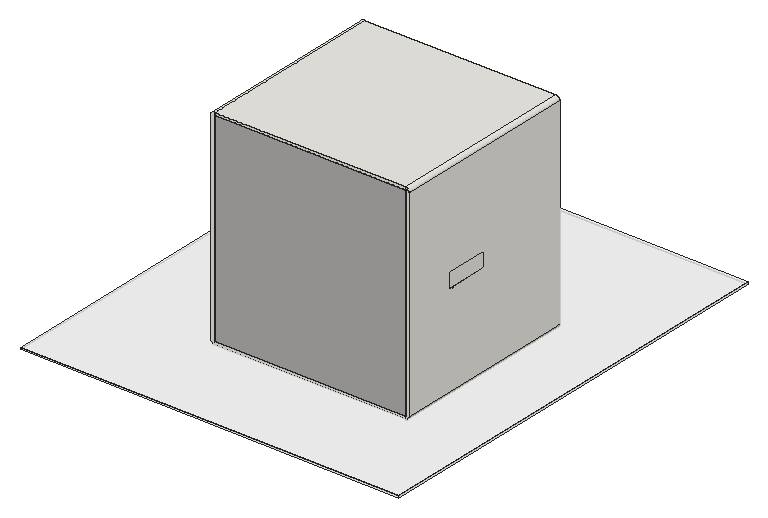
Revit family "FB-150B", category Communication Devices, host Face, Revit 2016
Family settings
  Host = Face
  Maintain Annotation Orientation = No
  Part Type = Normal
  Round Connector Dimension = Use Diameter
  OmniClass Number = 23.85.10.11.14
  OmniClass Title = Audio Equipment
  Cut with Voids When Loaded = Yes
  Shared = No
  Room Calculation Point = No
Parameters (values of type "FB-150W")
  Weight = "30kg (66.14lb)"
  URL = "http://toa.com.sg"
  Speaker Component = "38 cm (15'') cone-type"
  Sensitivity = "93dB (1W, 1m) \r\n96dB (1W, 1m) at installation in 1/2 free sound field"
  Power Handling Capacity = "Continuous pink noise: 200W, Continuous program: 600W"
  Option = "Speaker rigging frame: HY-PF7W"
  Mesh = White Mesh
  Material = OFF-WHITE
  Input Terminal = "Speakon NL4MP × 2 and M5 screw terminal, distance between barriers:12.2mm (0.48'')"
  Model Type = "COMPACT ARRAY SPEAKER SYSTEM"
  Frequency Response = "40 – 400Hz (–10dB)"
  Impedance = "8Ω"
  Model By = "BIMLIFE PTE LTD"  # constant formula
  Model = "FB-150W"
  Manufacturer = "TOA Electronics Pte Ltd"  # constant formula
  Supplier Tel = "+65 6835 9119"  # constant formula
  Supplier Fax = "+65 6835 9559"  # constant formula
  Supplier Address = "491B River Valley Road, #19-03/04 Valley Point Office Tower, Singapore 248373"  # constant formula
  Supplier = "TOA Electronics Pte Ltd"  # constant formula
  Suppiler Email = "http://toa.com.sg"  # constant formula
  Finish = "Enclosure: MDF, White, Urethane Paint Punched net: Surface-treated Steel plate, white, paint"
  Dimension = "505 (W) × 528 (H) × 477 (D)mm (19.88'' x 20.79'' x 19.17'')"
  Default Elevation = 0 mm
  Copyright To = "TOA Electronics Pte Ltd"  # constant formula
  Additional Detail = yes
Types (2, lengths in mm): name | Option | Mesh | Material | Model | Finish
  FB-150B | "Speaker rigging frame: HY-PF7B" | Black Mesh | MDF | "FB-150B" | "Enclosure: MDF, Black, Urethane Paint Punched net: Surface-treated Steel plate, black, paint"
  FB-150W | "Speaker rigging frame: HY-PF7W" | White Mesh | OFF-WHITE | "FB-150W" | "Enclosure: MDF, White, Urethane Paint Punched net: Surface-treated Steel plate, white, paint"
Reference planes
  plane 1 "Center (Front/Back)": y = 0
  plane 2: z = 0
  plane 3 "Center (Left/Right)": x = 0
Forms (mm)
  Extrusion 1, solid, material "Surface"
    sketch origin (1.238, -13.929, 0) x (1, 0, 0) y (0, 1, 0)
      loop
        line (-537.238, 873.929) -> (-537.238, -236.071) -> (424.112, -236.071) -> (424.112, 873.929) -> (-537.238, 873.929)
    from 0 to -6.497
  Extrusion 2, solid, material "Black", not visible
    sketch origin (0, 0, 0) x (1, 0, 0) y (0, 1, 0)
      loop
        line (-123, 93) -> (-123, -93) -> (123, -93) -> (123, 93) -> (-123, 93)
    from 0 to 98.5
  Blend 3, solid, material "Black", not visible
    base sketch origin (0, 0, 98.5) x (1, 0, 0) y (0, 1, 0)
      loop
        line (-124, -95) -> (124, -95)
        arc (124, -95) -> (124.707, -94.707) -> (125, -94) r 1
        line (125, -94) -> (125, 94)
        arc (125, 94) -> (124.707, 94.707) -> (124, 95) r 1
        line (124, 95) -> (-124, 95)
        arc (-124, 95) -> (-124.707, 94.707) -> (-125, 94) r 1
        line (-125, 94) -> (-125, -94)
        arc (-125, -94) -> (-124.707, -94.707) -> (-124, -95) r 1
    top sketch origin (0, 0, 98.5) x (1, 0, 0) y (0, 1, 0)
      loop
        arc (-119.605, 90.605) -> (-120.312, 90.312) -> (-120.605, 89.605) r 1
        line (-120.605, 89.605) -> (-120.605, -89.605)
        arc (-120.605, -89.605) -> (-120.312, -90.312) -> (-119.605, -90.605) r 1
        line (-119.605, -90.605) -> (119.605, -90.605)
        arc (119.605, -90.605) -> (120.312, -90.312) -> (120.605, -89.605) r 1
        line (120.605, -89.605) -> (120.605, 89.605)
        arc (120.605, 89.605) -> (120.312, 90.312) -> (119.605, 90.605) r 1
        line (119.605, 90.605) -> (-119.605, 90.605)
    from 0 to 10.5
  Extrusion 4, solid, material "Black Mesh", not visible
    sketch origin (0, 0, 109) x (1, 0, 0) y (0, 1, 0)
      loop
        line (-119.75, 89.75) -> (-119.75, -89.75) -> (119.75, -89.75) -> (119.75, 89.75) -> (-119.75, 89.75)
    from -1 to 0
  Extrusion 5, void, not visible
    sketch origin (0, 0, 109) x (0, 1, 0) y (1, 0, 0)
      loop
        line (89.75, 119.75) -> (-89.75, 119.75) -> (-89.75, -119.75) -> (89.75, -119.75) -> (89.75, 119.75)
    from 0 to 1
  Extrusion 6, void, not visible
    sketch origin (82, -93, 0) x (1, 0, 0) y (0, 0, -1)
      loop
        spline (-88, 0) -> (-87.796, -1.294) -> (-87.196, -2.5) -> (-86.243, -3.536) -> (-85, -4.33) -> (-83.553, -4.83) -> (-82, -5) -> (-80.447, -4.83) -> (-79, -4.33) -> (-77.757, -3.536) -> (-76.804, -2.5) -> (-76.204, -1.294) -> (-76, 0)
        spline (-76, 0) -> (-76.204, 1.294) -> (-76.804, 2.5) -> (-77.757, 3.536) -> (-79, 4.33) -> (-80.447, 4.83) -> (-82, 5) -> (-83.553, 4.83) -> (-85, 4.33) -> (-86.243, 3.536) -> (-87.196, 2.5) -> (-87.796, 1.294) -> (-88, 0)
    from 0 to 186
  Extrusion 7, void, not visible
    sketch origin (123, 93, 0) x (0, 1, 0) y (0, 0, -1)
      loop
        spline (-99, 0) -> (-98.796, -1.294) -> (-98.196, -2.5) -> (-97.243, -3.536) -> (-96, -4.33) -> (-94.553, -4.83) -> (-93, -5) -> (-91.447, -4.83) -> (-90, -4.33) -> (-88.757, -3.536) -> (-87.804, -2.5) -> (-87.204, -1.294) -> (-87, 0)
        spline (-87, 0) -> (-87.204, 1.294) -> (-87.804, 2.5) -> (-88.757, 3.536) -> (-90, 4.33) -> (-91.447, 4.83) -> (-93, 5) -> (-94.553, 4.83) -> (-96, 4.33) -> (-97.243, 3.536) -> (-98.196, 2.5) -> (-98.796, 1.294) -> (-99, 0)
    from 0 to 246
  Extrusion 8, solid, material "OFF-WHITE" <- "Material"
    sketch origin (0, 0, 0) x (-1, 0, 0) y (0, 0, 1)
      loop
        arc (242.5, 0) -> (249.571, 2.929) -> (252.5, 10) r 10
        line (252.5, 10) -> (252.5, 518)
        arc (252.5, 518) -> (249.571, 525.071) -> (242.5, 528) r 10
        line (242.5, 528) -> (-242.5, 528)
        arc (-242.5, 528) -> (-249.571, 525.071) -> (-252.5, 518) r 10
        line (-252.5, 518) -> (-252.5, 10)
        arc (-252.5, 10) -> (-249.571, 2.929) -> (-242.5, 0) r 10
        line (-242.5, 0) -> (242.5, 0)
    from 0 to 477
  Extrusion 9, void
    sketch origin (0, 0, 0) x (-1, 0, 0) y (0, 0, 1)
      loop
        line (242.5, 523) -> (-242.5, 523) -> (-242.5, 5) -> (242.5, 5) -> (242.5, 523)
    from 0 to 430
  Extrusion 10, solid, material "White Mesh" <- "Mesh"
    sketch origin (0, 0, 0) x (-1, 0, 0) y (0, 0, 1)
      loop
        line (242.5, 523) -> (-242.5, 523) -> (-242.5, 5) -> (242.5, 5) -> (242.5, 523)
    from 0 to 3
  Extrusion 11, void
    sketch origin (0, 477, 0) x (-1, 0, 0) y (0, 0, 1)
      loop
        line (50, 319) -> (-50, 319)
        arc (-50, 319) -> (-53.536, 317.536) -> (-55, 314) r 5
        line (-55, 314) -> (-55, 214)
        arc (-55, 214) -> (-53.536, 210.464) -> (-50, 209) r 5
        line (-50, 209) -> (50, 209)
        arc (50, 209) -> (53.536, 210.464) -> (55, 214) r 5
        line (55, 214) -> (55, 314)
        arc (55, 314) -> (53.536, 317.536) -> (50, 319) r 5
    from -3 to 0
  Extrusion 12, void
    sketch origin (0, 0, 0) x (0, 1, 0) y (0, 0, 1)
      loop
        arc (130.002, 284) -> (126.465, 282.536) -> (125, 279) r 5
        line (125, 279) -> (125, 249)
        arc (125, 249) -> (126.464, 245.465) -> (129.998, 244) r 5
        line (129.998, 244) -> (230.002, 244)
        arc (230.002, 244) -> (233.537, 245.466) -> (235, 249.002) r 5
        line (235, 249.002) -> (235, 278.998)
        arc (235, 278.998) -> (233.537, 282.534) -> (230.002, 284) r 5
        line (230.002, 284) -> (130.002, 284)
    from 250.098 to 252.5
Cuts and joins
  Extrusion 9, Extrusion 11, Extrusion 12 cuts Extrusion 8
Lines and regions (mm)
  model lines, visible <- "Additional Detail"
    curve 1: line (6.5, 477, 249) -> (33.5, 477, 249)
    curve 2: arc (33.5, 477, 249) -> (34.914, 477, 248.414) -> (35.5, 477, 247) r 2
    curve 3: line (35.5, 477, 247) -> (35.5, 477, 225)
    curve 4: arc (35.5, 477, 225) -> (34.914, 477, 223.586) -> (33.5, 477, 223) r 2
    curve 5: line (33.5, 477, 223) -> (6.5, 477, 223)
    curve 6: arc (6.5, 477, 223) -> (5.086, 477, 223.586) -> (4.5, 477, 225) r 2
    curve 7: line (4.5, 477, 225) -> (4.5, 477, 247)
    curve 8: arc (4.5, 477, 247) -> (5.086, 477, 248.414) -> (6.5, 477, 249) r 2
    curve 9: circle (20, 477, 236) r 11.8 normal (0, 1, 0)
    curve 10: arc (11.056, 477, 237) -> (19.493, 477, 244.986) -> (28.775, 477, 238) r 9
    curve 11: line (28.775, 477, 238) -> (29.798, 477, 238)
    curve 12: arc (29.798, 477, 238) -> (30, 477, 236) -> (29.798, 477, 234) r 10
    curve 13: line (29.798, 477, 234) -> (28.775, 477, 234)
    curve 14: arc (28.775, 477, 234) -> (19.493, 477, 227.014) -> (11.056, 477, 235) r 9
    curve 15: line (11.056, 477, 235) -> (10.05, 477, 235)
    curve 16: arc (10.05, 477, 235) -> (10, 477, 236) -> (10.05, 477, 237) r 10
    curve 17: line (10.05, 477, 237) -> (11.056, 477, 237)
    curve 18: circle (20, 477, 236) r 6 normal (0, 1, 0)
    curve 19: circle (20, 477, 236) r 4 normal (0, 1, 0)
    curve 20: circle (8, 477, 245.5) r 3 normal (0, 1, 0)
    curve 21: circle (8, 477, 245.5) r 2.75 normal (0, 1, 0)
    curve 22: line (6.869, 477, 244.369) -> (9.131, 477, 246.631)
    curve 23: line (6.869, 477, 246.631) -> (9.131, 477, 244.369)
    curve 24: circle (32, 477, 226.5) r 3 normal (0, 1, 0)
    curve 25: circle (32, 477, 226.5) r 2.75 normal (0, 1, 0)
    curve 26: line (30.869, 477, 227.631) -> (33.131, 477, 225.369)
    curve 27: line (30.869, 477, 225.369) -> (33.131, 477, 227.631)
    curve 28: line (-33.5, 477, 249) -> (-6.5, 477, 249)
    curve 29: arc (-6.5, 477, 249) -> (-5.086, 477, 248.414) -> (-4.5, 477, 247) r 2
    curve 30: line (-4.5, 477, 247) -> (-4.5, 477, 225)
    curve 31: arc (-4.5, 477, 225) -> (-5.086, 477, 223.586) -> (-6.5, 477, 223) r 2
    curve 32: line (-6.5, 477, 223) -> (-33.5, 477, 223)
    curve 33: arc (-33.5, 477, 223) -> (-34.914, 477, 223.586) -> (-35.5, 477, 225) r 2
    curve 34: line (-35.5, 477, 225) -> (-35.5, 477, 247)
    curve 35: arc (-35.5, 477, 247) -> (-34.914, 477, 248.414) -> (-33.5, 477, 249) r 2
    curve 36: circle (-20, 477, 236) r 11.8 normal (0, 1, 0)
    curve 37: arc (-28.944, 477, 237) -> (-20.507, 477, 244.986) -> (-11.225, 477, 238) r 9
    curve 38: line (-11.225, 477, 238) -> (-10.202, 477, 238)
    curve 39: arc (-10.202, 477, 238) -> (-10, 477, 236) -> (-10.202, 477, 234) r 10
    curve 40: line (-10.202, 477, 234) -> (-11.225, 477, 234)
    curve 41: arc (-11.225, 477, 234) -> (-20.507, 477, 227.014) -> (-28.944, 477, 235) r 9
    curve 42: line (-28.944, 477, 235) -> (-29.95, 477, 235)
    curve 43: arc (-29.95, 477, 235) -> (-30, 477, 236) -> (-29.95, 477, 237) r 10
    curve 44: line (-29.95, 477, 237) -> (-28.944, 477, 237)
    curve 45: circle (-20, 477, 236) r 6 normal (0, 1, 0)
    curve 46: circle (-20, 477, 236) r 4 normal (0, 1, 0)
    curve 47: circle (-32, 477, 245.5) r 3 normal (0, 1, 0)
    curve 48: circle (-32, 477, 245.5) r 2.75 normal (0, 1, 0)
    curve 49: line (-33.131, 477, 246.631) -> (-30.869, 477, 244.369)
    curve 50: line (-33.131, 477, 244.369) -> (-30.869, 477, 246.631)
    curve 51: circle (-8, 477, 226.5) r 3 normal (0, 1, 0)
    curve 52: circle (-8, 477, 226.5) r 2.75 normal (0, 1, 0)
    curve 53: line (-9.131, 477, 227.631) -> (-6.869, 477, 225.369)
    curve 54: line (-9.131, 477, 225.369) -> (-6.869, 477, 227.631)
    curve 55: circle (-47, 477, 217) r 2.25 normal (0, 1, 0)
    curve 56: circle (-47, 477, 217) r 2 normal (0, 1, 0)
    curve 57: circle (47, 477, 217) r 2.25 normal (0, 1, 0)
    curve 58: circle (47, 477, 217) r 2 normal (0, 1, 0)
    curve 59: circle (47, 477, 311) r 2.25 normal (0, 1, 0)
    curve 60: circle (47, 477, 311) r 2 normal (0, 1, 0)
    curve 61: circle (-47, 477, 311) r 2.25 normal (0, 1, 0)
    curve 62: circle (-47, 477, 311) r 2 normal (0, 1, 0)
    curve 63: line (-43, 477, 302.2) -> (43, 477, 302.2)
    curve 64: line (43, 477, 302.2) -> (43, 477, 281.8)
    curve 65: line (43, 477, 281.8) -> (-43, 477, 281.8)
    curve 66: line (-43, 477, 281.8) -> (-43, 477, 302.2)
    curve 67: line (41, 477, 302.2) -> (41, 477, 281.8)
    curve 68: line (41, 477, 301) -> (29, 477, 301)
    curve 69: line (29, 477, 302.2) -> (29, 477, 281.8)
    curve 70: line (41, 477, 283) -> (29, 477, 283)
    curve 71: circle (35, 477, 292) r 4.104 normal (0, 1, 0)
    curve 72: line (33.469, 477, 293.51) -> (36.531, 477, 290.49)
    curve 73: line (36.51, 477, 293.531) -> (33.49, 477, 290.469)
    curve 74: line (27, 477, 302.2) -> (27, 477, 281.8)
    curve 75: line (27, 477, 301) -> (15, 477, 301)
    curve 76: line (15, 477, 302.2) -> (15, 477, 281.8)
    curve 77: line (15.5, 477, 297.5) -> (26.5, 477, 297.5)
    curve 78: line (26.5, 477, 297.5) -> (26.5, 477, 286.5)
    curve 79: line (26.5, 477, 286.5) -> (15.5, 477, 286.5)
    curve 80: line (15.5, 477, 286.5) -> (15.5, 477, 297.5)
    curve 81: circle (21, 477, 292) r 4.5 normal (0, 1, 0)
    curve 82: line (18.525, 477, 289.525) -> (23.475, 477, 294.475)
    curve 83: line (18.525, 477, 294.475) -> (23.475, 477, 289.525)
    curve 84: line (27, 477, 283) -> (15, 477, 283)
    curve 85: line (13, 477, 302.2) -> (13, 477, 281.8)
    curve 86: line (13, 477, 301) -> (1, 477, 301)
    curve 87: line (1, 477, 302.2) -> (1, 477, 281.8)
    curve 88: line (1.5, 477, 297.5) -> (12.5, 477, 297.5)
    curve 89: line (12.5, 477, 297.5) -> (12.5, 477, 286.5)
    curve 90: line (12.5, 477, 286.5) -> (1.5, 477, 286.5)
    curve 91: line (1.5, 477, 286.5) -> (1.5, 477, 297.5)
    curve 92: circle (7, 477, 292) r 4.5 normal (0, 1, 0)
    curve 93: line (4.525, 477, 289.525) -> (9.475, 477, 294.475)
    curve 94: line (4.525, 477, 294.475) -> (9.475, 477, 289.525)
    curve 95: line (13, 477, 283) -> (1, 477, 283)
    curve 96: line (-1.5, 477, 297.5) -> (-12.5, 477, 297.5)
    curve 97: line (-12.5, 477, 297.5) -> (-12.5, 477, 286.5)
    curve 98: line (-12.5, 477, 286.5) -> (-1.5, 477, 286.5)
    curve 99: line (-1.5, 477, 286.5) -> (-1.5, 477, 297.5)
    curve 100: circle (-7, 477, 292) r 4.5 normal (0, 1, 0)
    curve 101: line (-9.475, 477, 294.475) -> (-4.525, 477, 289.525)
    curve 102: line (-9.475, 477, 289.525) -> (-4.525, 477, 294.475)
    curve 103: line (-13, 477, 283) -> (-1, 477, 283)
    curve 104: line (-1, 477, 302.2) -> (-1, 477, 281.8)
    curve 105: line (-13, 477, 302.2) -> (-13, 477, 281.8)
    curve 106: line (-15, 477, 302.2) -> (-15, 477, 281.8)
    curve 107: line (-27, 477, 301) -> (-15, 477, 301)
    curve 108: line (-27, 477, 302.2) -> (-27, 477, 281.8)
    curve 109: line (-15.5, 477, 297.5) -> (-26.5, 477, 297.5)
    curve 110: line (-26.5, 477, 297.5) -> (-26.5, 477, 286.5)
    curve 111: line (-26.5, 477, 286.5) -> (-15.5, 477, 286.5)
    curve 112: line (-15.5, 477, 286.5) -> (-15.5, 477, 297.5)
    curve 113: circle (-21, 477, 292) r 4.5 normal (0, 1, 0)
    curve 114: line (-23.475, 477, 294.475) -> (-18.525, 477, 289.525)
    curve 115: line (-23.475, 477, 289.525) -> (-18.525, 477, 294.475)
    curve 116: line (-27, 477, 283) -> (-15, 477, 283)
    curve 117: line (-29, 477, 302.2) -> (-29, 477, 281.8)
    curve 118: line (-41, 477, 301) -> (-29, 477, 301)
    curve 119: line (-41, 477, 302.2) -> (-41, 477, 281.8)
    curve 120: circle (-35, 477, 292) r 4.104 normal (0, 1, 0)
    curve 121: line (-36.531, 477, 293.51) -> (-33.469, 477, 290.49)
    curve 122: line (-33.49, 477, 293.531) -> (-36.51, 477, 290.469)
    curve 123: line (-41, 477, 283) -> (-29, 477, 283)
Dimensions and locks
  aligned and locked: plane 2 to Extrusion 1
  aligned and locked: level to Extrusion 1
  aligned and locked: Extrusion 8 sketch curve to level
